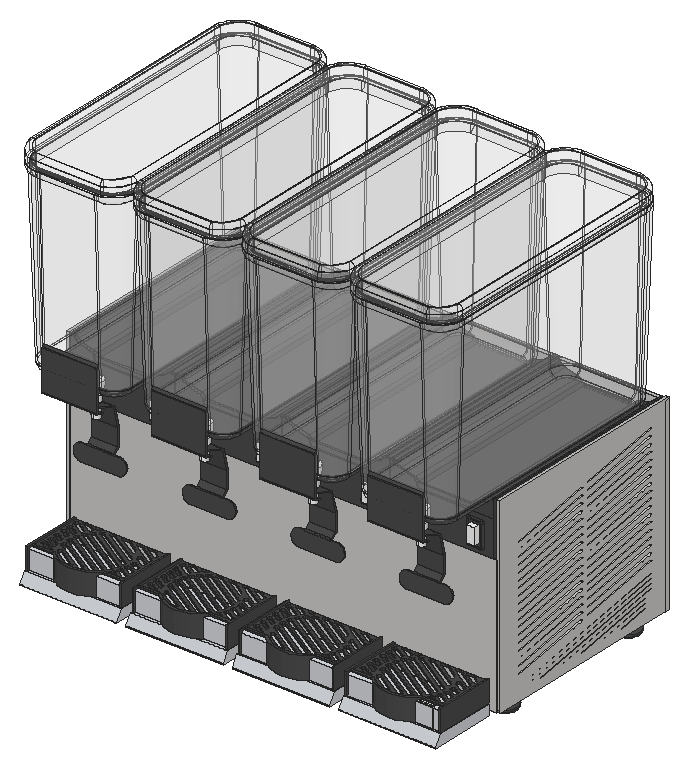
Revit family "QF_Vollrath-VBBE4-37T", category Specialty Equipment, Revit 2018 (continued)
Forms (in)
  Extrusion 43, solid, material "QF_Finishes-Clear Plastic"
    sketch origin (7.0917, 0, 0) x (1, 0, 0) y (0, 1, 0)
      loop
        arc (2.52215, 9.13206) -> (2.32464, 9.60889) -> (1.84782, 9.8064) r 0.67433
        line (1.84782, 9.8064) -> (-1.84748, 9.8064)
        arc (-1.84748, 9.8064) -> (-2.32251, 9.60963) -> (-2.51928, 9.1346) r 0.6718
    from 12.90709 to 13.05386
  Extrusion 44, solid, material "QF_Finishes-Black Plastic"
    sketch origin (7.06271, 0, 0) x (1, 0, 0) y (0, 1, 0)
      loop
        line (3.18945, -3.12402) -> (-3.14914, -3.12402) -> (-3.14914, -7.27756) -> (-3.05071, -7.27756) -> (-3.05071, -6.9626) -> (-1.68325, -6.9626)
        arc (-1.68325, -6.9626) -> (-1.65302, -6.96863) -> (-1.62741, -6.98581) r 0.07879
        arc (-1.62741, -6.98581) -> (0.01907, -7.67007) -> (1.66554, -6.98581) r 2.323
        arc (1.66554, -6.98581) -> (1.69232, -6.96862) -> (1.72357, -6.9626) r 0.08414
        line (1.72357, -6.9626) -> (3.09102, -6.9626) -> (3.09102, -7.27756) -> (3.18945, -7.27756) -> (3.18945, -3.12402)
      loop
        line (-3.05071, -3.19488) -> (-3.05071, -6.8248) -> (-1.68325, -6.8248)
        arc (-1.68325, -6.8248) -> (-1.60014, -6.84139) -> (-1.52977, -6.88862) r 0.21647
        arc (-1.52977, -6.88862) -> (0.02, -7.53304) -> (1.56978, -6.88862) r 2.18576
        arc (1.56978, -6.88862) -> (1.64015, -6.84139) -> (1.72326, -6.8248) r 0.21647
        line (1.72326, -6.8248) -> (3.09102, -6.8248) -> (3.09102, -3.19488) -> (-3.05071, -3.19488)
    from 1.03543 to 2.48031
  Extrusion 45, solid
    sketch origin (7.06271, 0, 0) x (0, 1, 0) y (0, 0, 1)
      loop
        line (-3.39961, 1.03543) -> (-7.3563, 1.03543) -> (-7.75, 0.3937) -> (-7.75, 0.35433) -> (-3.39961, 0.35433) -> (-3.39961, 1.03543)
    from -3.17717 to 3.27868
  Extrusion 46, solid
    sketch origin (7.06271, 0, 0) x (0, 1, 0) y (0, 0, -1)
      loop
        line (-6.9626, -2.40157) -> (-6.9626, -1.03543) -> (-7.18008, -1.03543) -> (-7.18008, -2.28346)
        arc (-7.18008, -2.28346) -> (-7.08882, -2.37471) -> (-6.9626, -2.40157) r 0.22732
    from -3.09102 to -1.40314
  Extrusion 47, solid, material "QF_Finishes-Black Plastic"
    sketch origin (7.0638, 0, 0) x (1, 0, 0) y (0, 1, 0)
      loop
        line (-3.05071, -6.8248) -> (-1.68325, -6.8248)
        arc (-1.68325, -6.8248) -> (-1.60014, -6.84139) -> (-1.52977, -6.88862) r 0.21647
        arc (-1.52977, -6.88862) -> (0.02, -7.53304) -> (1.56978, -6.88862) r 2.18576
        arc (1.56978, -6.88862) -> (1.64015, -6.84139) -> (1.72326, -6.8248) r 0.21647
        line (1.72326, -6.8248) -> (3.09102, -6.8248) -> (3.09102, -3.19488) -> (-3.05071, -3.19488) -> (-3.05071, -6.8248)
      loop
        line (1.99999, -5.31469) -> (-0.85274, -3.56972)
        arc (-0.85274, -3.56972) -> (-0.90143, -3.55568) -> (-0.95047, -3.56848) r 0.09564
        line (-0.95047, -3.56848) -> (-1.05079, -3.62641)
        arc (-1.05079, -3.62641) -> (-1.09797, -3.71056) -> (-1.05079, -3.79471) r 0.09865
        line (-1.05079, -3.79471) -> (1.89113, -5.59424)
        arc (1.89113, -5.59424) -> (1.98696, -5.59808) -> (2.04057, -5.51856) r 0.09843
        line (2.04057, -5.51856) -> (2.04706, -5.40253)
        arc (2.04706, -5.40253) -> (2.03544, -5.35223) -> (1.99999, -5.31469) r 0.09857
      loop
        line (1.92869, -5.80182) -> (-1.25519, -3.85429)
        arc (-1.25519, -3.85429) -> (-1.31546, -3.84407) -> (-1.37003, -3.87162) r 0.09782
        line (-1.37003, -3.87162) -> (-1.44371, -3.9453)
        arc (-1.44371, -3.9453) -> (-1.47148, -4.02385) -> (-1.42783, -4.09482) r 0.09665
        line (-1.42783, -4.09482) -> (1.79158, -6.06408)
        arc (1.79158, -6.06408) -> (1.8762, -6.07294) -> (1.93593, -6.01235) r 0.09812
        line (1.93593, -6.01235) -> (1.96819, -5.91075)
        arc (1.96819, -5.91075) -> (1.96695, -5.84957) -> (1.92869, -5.80182) r 0.09507
      loop
        line (1.74837, -6.22226) -> (-1.54753, -4.20621)
        arc (-1.54753, -4.20621) -> (-1.61887, -4.19636) -> (-1.67693, -4.23897) r 0.09584
        line (-1.67693, -4.23897) -> (-1.73108, -4.32679)
        arc (-1.73108, -4.32679) -> (-1.743, -4.39877) -> (-1.70104, -4.45845) r 0.09631
        line (-1.70104, -4.45845) -> (1.59739, -6.47604)
        arc (1.59739, -6.47604) -> (1.66914, -6.48577) -> (1.72723, -6.44255) r 0.09587
        line (1.72723, -6.44255) -> (1.78078, -6.35401)
        arc (1.78078, -6.35401) -> (1.79129, -6.28157) -> (1.74837, -6.22226) r 0.09741
      loop
        line (1.48132, -6.58966) -> (-1.74811, -4.61427)
        arc (-1.74811, -4.61427) -> (-1.83177, -4.60731) -> (-1.88979, -4.66798) r 0.09744
        line (-1.88979, -4.66798) -> (-1.92257, -4.76761)
        arc (-1.92257, -4.76761) -> (-1.92194, -4.82904) -> (-1.88395, -4.87732) r 0.0953
        line (-1.88395, -4.87732) -> (1.30511, -6.82801)
        arc (1.30511, -6.82801) -> (1.36581, -6.8405) -> (1.42146, -6.81321) r 0.09579
        line (1.42146, -6.81321) -> (1.49519, -6.73948)
        arc (1.49519, -6.73948) -> (1.52341, -6.66132) -> (1.48132, -6.58966) r 0.09779
      loop
        line (1.10757, -6.89177) -> (-1.84914, -5.0832)
        arc (-1.84914, -5.0832) -> (-1.94458, -5.07917) -> (-1.99846, -5.15805) r 0.0984
        line (-1.99846, -5.15805) -> (-2.00593, -5.27264)
        arc (-2.00593, -5.27264) -> (-1.99506, -5.32396) -> (-1.95906, -5.3621) r 0.09696
        line (-1.95906, -5.3621) -> (0.91264, -7.11867)
        arc (0.91264, -7.11867) -> (0.96072, -7.13194) -> (1.0088, -7.11867) r 0.09375
        line (1.0088, -7.11867) -> (1.10757, -7.05966)
        arc (1.10757, -7.05966) -> (1.15463, -6.97572) -> (1.10757, -6.89177) r 0.0984
      loop
        line (0.60863, -7.11732) -> (-1.82264, -5.63015)
        arc (-1.82264, -5.63015) -> (-1.92999, -5.63329) -> (-1.97033, -5.73281) r 0.09825
        line (-1.97033, -5.73281) -> (-1.93774, -5.87396)
        arc (-1.93774, -5.87396) -> (-1.92175, -5.90738) -> (-1.89442, -5.93238) r 0.09714
        line (-1.89442, -5.93238) -> (0.37225, -7.31886)
        arc (0.37225, -7.31886) -> (0.40695, -7.33252) -> (0.44421, -7.33107) r 0.09073
        line (0.44421, -7.33107) -> (0.58467, -7.29582)
        arc (0.58467, -7.29582) -> (0.65482, -7.21438) -> (0.60863, -7.11732) r 0.09843
      loop
        line (-0.15644, -7.18008) -> (-1.53008, -6.33984)
        arc (-1.53008, -6.33984) -> (-1.65245, -6.35562) -> (-1.66332, -6.47852) r 0.09845
        line (-1.66332, -6.47852) -> (-1.474, -6.72028) -> (-0.52036, -7.30361) -> (-0.21942, -7.36177)
        arc (-0.21942, -7.36177) -> (-0.1148, -7.29628) -> (-0.15644, -7.18008) r 0.09842
      loop
        line (1.92796, -4.73989) -> (-0.30697, -3.37282)
        arc (-0.30697, -3.37282) -> (-0.34079, -3.3598) -> (-0.37704, -3.35963) r 0.10043
        line (-0.37704, -3.35963) -> (-0.52004, -3.39377)
        arc (-0.52004, -3.39377) -> (-0.59167, -3.47506) -> (-0.54547, -3.57306) r 0.09865
        line (-0.54547, -3.57306) -> (1.85831, -5.04342)
        arc (1.85831, -5.04342) -> (1.96624, -5.03999) -> (2.00606, -4.93962) r 0.09842
        line (2.00606, -4.93962) -> (1.97137, -4.79716)
        arc (1.97137, -4.79716) -> (1.95507, -4.76442) -> (1.92796, -4.73989) r 0.09857
      loop
        line (1.46531, -3.92615) -> (0.62845, -3.41426)
        arc (0.62845, -3.41426) -> (0.46776, -3.37153) -> (0.30428, -3.34114) r 2.18615
        arc (0.30428, -3.34114) -> (0.19761, -3.4051) -> (0.23921, -3.5223) r 0.09818
        line (0.23921, -3.5223) -> (1.54679, -4.32213)
        arc (1.54679, -4.32213) -> (1.66978, -4.30502) -> (1.67799, -4.18113) r 0.09835
        arc (1.67799, -4.18113) -> (1.57664, -4.04948) -> (1.46531, -3.92615) r 2.12561
      loop
        line (2.83911, -4.23574) -> (1.36588, -3.33459)
        arc (1.36588, -3.33459) -> (1.34175, -3.32427) -> (1.31572, -3.32087) r 0.09593
        arc (1.31572, -3.32087) -> (1.27881, -3.321) -> (1.2419, -3.32087) r 5.03614
        arc (1.2419, -3.32087) -> (1.14687, -3.39171) -> (1.18925, -3.5024) r 0.0982
        arc (1.18925, -3.5024) -> (1.38493, -3.6409) -> (1.56306, -3.80134) r 2.04444
        line (1.56306, -3.80134) -> (2.73642, -4.51906)
        arc (2.73642, -4.51906) -> (2.8353, -4.51983) -> (2.88433, -4.43395) r 0.09782
        arc (2.88433, -4.43395) -> (2.88401, -4.37627) -> (2.88433, -4.31858) r 5.14481
        arc (2.88433, -4.31858) -> (2.87254, -4.27125) -> (2.83911, -4.23574) r 0.0965
      loop
        line (2.83639, -3.70334) -> (2.23231, -3.33383)
        arc (2.23231, -3.33383) -> (2.21027, -3.32439) -> (2.18655, -3.32087) r 0.09339
        line (2.18655, -3.32087) -> (1.99477, -3.32087)
        arc (1.99477, -3.32087) -> (1.89988, -3.39257) -> (1.94341, -3.50325) r 0.09837
        line (1.94341, -3.50325) -> (2.73528, -3.98763)
        arc (2.73528, -3.98763) -> (2.83413, -3.98931) -> (2.88433, -3.90415) r 0.09818
        arc (2.88433, -3.90415) -> (2.88448, -3.84599) -> (2.88433, -3.78784) r 11.3571
        arc (2.88433, -3.78784) -> (2.87139, -3.73933) -> (2.83639, -3.70334) r 0.09933
      loop
        arc (-2.69423, -5.62775) -> (-2.79372, -5.62586) -> (-2.84402, -5.71171) r 0.09843
        line (-2.84402, -5.71171) -> (-2.84402, -5.82709)
        arc (-2.84402, -5.82709) -> (-2.83145, -5.87522) -> (-2.79695, -5.91106) r 0.09843
        line (-2.79695, -5.91106) -> (-2.13741, -6.31449)
        arc (-2.13741, -6.31449) -> (-2.02317, -6.30683) -> (-1.99384, -6.19615) r 0.09819
        line (-1.99384, -6.19615) -> (-2.04986, -6.04886)
        arc (-2.04986, -6.04886) -> (-2.066, -6.01898) -> (-2.09144, -5.99647) r 0.09728
        line (-2.09144, -5.99647) -> (-2.69423, -5.62775)
      loop
        arc (-2.69423, -5.09701) -> (-2.79372, -5.09512) -> (-2.84402, -5.18097) r 0.09843
        line (-2.84402, -5.18097) -> (-2.84402, -5.29635)
        arc (-2.84402, -5.29635) -> (-2.83145, -5.34448) -> (-2.79695, -5.38032) r 0.09843
        line (-2.79695, -5.38032) -> (-2.30078, -5.68381)
        arc (-2.30078, -5.68381) -> (-2.19664, -5.68292) -> (-2.1516, -5.58901) r 0.09843
        line (-2.1516, -5.58901) -> (-2.16128, -5.47226)
        arc (-2.16128, -5.47226) -> (-2.17523, -5.42752) -> (-2.20826, -5.39428) r 0.09865
        line (-2.20826, -5.39428) -> (-2.69423, -5.09701)
      loop
        arc (-2.69423, -4.56627) -> (-2.79372, -4.56438) -> (-2.84402, -4.65023) r 0.09843
        line (-2.84402, -4.65023) -> (-2.84402, -4.76561)
        arc (-2.84402, -4.76561) -> (-2.83145, -4.81374) -> (-2.79695, -4.84958) r 0.09843
        line (-2.79695, -4.84958) -> (-2.29775, -5.15493)
        arc (-2.29775, -5.15493) -> (-2.20358, -5.15958) -> (-2.14873, -5.0829) r 0.09839
        line (-2.14873, -5.0829) -> (-2.13391, -4.98165)
        arc (-2.13391, -4.98165) -> (-2.14196, -4.92467) -> (-2.17954, -4.8811) r 0.10209
        line (-2.17954, -4.8811) -> (-2.69423, -4.56627)
      loop
        arc (-2.69423, -4.03555) -> (-2.79372, -4.03365) -> (-2.84402, -4.11951) r 0.09843
        line (-2.84402, -4.11951) -> (-2.84402, -4.23489)
        arc (-2.84402, -4.23489) -> (-2.83145, -4.28301) -> (-2.79695, -4.31885) r 0.09843
        line (-2.79695, -4.31885) -> (-2.19054, -4.68978)
        arc (-2.19054, -4.68978) -> (-2.10586, -4.69843) -> (-2.0461, -4.63781) r 0.09843
        line (-2.0461, -4.63781) -> (-2.01311, -4.5476)
        arc (-2.01311, -4.5476) -> (-2.01108, -4.48046) -> (-2.05286, -4.42787) r 0.09777
        line (-2.05286, -4.42787) -> (-2.69423, -4.03555)
      loop
        arc (-2.69423, -3.50479) -> (-2.79372, -3.5029) -> (-2.84402, -3.58875) r 0.09843
        line (-2.84402, -3.58875) -> (-2.84402, -3.70413)
        arc (-2.84402, -3.70413) -> (-2.83145, -3.75226) -> (-2.79695, -3.78809) r 0.09843
        line (-2.79695, -3.78809) -> (-2.00078, -4.2751)
        arc (-2.00078, -4.2751) -> (-1.92526, -4.28682) -> (-1.86377, -4.24142) r 0.09931
        line (-1.86377, -4.24142) -> (-1.8143, -4.16136)
        arc (-1.8143, -4.16136) -> (-1.80095, -4.08604) -> (-1.84557, -4.0239) r 0.09843
        line (-1.84557, -4.0239) -> (-2.69423, -3.50479)
      loop
        arc (-2.69423, -6.15849) -> (-2.79372, -6.1566) -> (-2.84402, -6.24246) r 0.09843
        line (-2.84402, -6.24246) -> (-2.84402, -6.35783)
        arc (-2.84402, -6.35783) -> (-2.83145, -6.40596) -> (-2.79695, -6.4418) r 0.09843
        line (-2.79695, -6.4418) -> (-2.18491, -6.81617) -> (-1.91188, -6.81617)
        arc (-1.91188, -6.81617) -> (-1.85587, -6.7319) -> (-1.9031, -6.64241) r 0.09904
        line (-1.9031, -6.64241) -> (-2.69423, -6.15849)
      loop
        line (-2.39494, -3.50325) -> (-1.73202, -3.90876)
        arc (-1.73202, -3.90876) -> (-1.66637, -3.92218) -> (-1.60735, -3.89047) r 0.09841
        line (-1.60735, -3.89047) -> (-1.54093, -3.82001)
        arc (-1.54093, -3.82001) -> (-1.51481, -3.73924) -> (-1.5609, -3.66795) r 0.09896
        line (-1.5609, -3.66795) -> (-2.18752, -3.28465)
        arc (-2.18752, -3.28465) -> (-2.235, -3.26983) -> (-2.28367, -3.28012) r 0.09843
        line (-2.28367, -3.28012) -> (-2.38686, -3.33173)
        arc (-2.38686, -3.33173) -> (-2.44114, -3.41512) -> (-2.39494, -3.50325) r 0.09843
      loop
        arc (-1.47591, -3.32087) -> (-1.57065, -3.39261) -> (-1.52727, -3.50325) r 0.09843
        line (-1.52727, -3.50325) -> (-1.3826, -3.59175)
        arc (-1.3826, -3.59175) -> (-1.32707, -3.60613) -> (-1.27295, -3.58713) r 0.09847
        line (-1.27295, -3.58713) -> (-1.18803, -3.52827)
        arc (-1.18803, -3.52827) -> (-1.14526, -3.44427) -> (-1.19182, -3.36231) r 0.09944
        line (-1.19182, -3.36231) -> (-1.23593, -3.33533)
        arc (-1.23593, -3.33533) -> (-1.26061, -3.32455) -> (-1.28729, -3.32087) r 0.09843
        line (-1.28729, -3.32087) -> (-1.47591, -3.32087)
      loop
        arc (2.16593, -4.35471) -> (2.05008, -4.36433) -> (2.02423, -4.47767) r 0.09841
        line (2.02423, -4.47767) -> (2.08147, -4.62318)
        arc (2.08147, -4.62318) -> (2.09769, -4.65241) -> (2.12281, -4.67447) r 0.09781
        line (2.12281, -4.67447) -> (2.73454, -5.04866)
        arc (2.73454, -5.04866) -> (2.83403, -5.05055) -> (2.88433, -4.9647) r 0.09843
        line (2.88433, -4.9647) -> (2.88433, -4.84932)
        arc (2.88433, -4.84932) -> (2.87176, -4.80119) -> (2.83726, -4.76535) r 0.09843
        line (2.83726, -4.76535) -> (2.16593, -4.35471)
      loop
        arc (2.33855, -4.99104) -> (2.23397, -4.99219) -> (2.18943, -5.08682) r 0.09845
        line (2.18943, -5.08682) -> (2.20051, -5.20384)
        arc (2.20051, -5.20384) -> (2.21442, -5.2483) -> (2.24726, -5.28133) r 0.09819
        line (2.24726, -5.28133) -> (2.73454, -5.5794)
        arc (2.73454, -5.5794) -> (2.83403, -5.58129) -> (2.88433, -5.49544) r 0.09843
        line (2.88433, -5.49544) -> (2.88433, -5.38006)
        arc (2.88433, -5.38006) -> (2.87176, -5.33193) -> (2.83726, -5.29609) r 0.09843
        line (2.83726, -5.29609) -> (2.33855, -4.99104)
      loop
        arc (2.34021, -5.5228) -> (2.24688, -5.51781) -> (2.19158, -5.59315) r 0.09828
        line (2.19158, -5.59315) -> (2.17713, -5.69751)
        arc (2.17713, -5.69751) -> (2.18485, -5.75432) -> (2.22293, -5.79719) r 0.09843
        line (2.22293, -5.79719) -> (2.73454, -6.11014)
        arc (2.73454, -6.11014) -> (2.83403, -6.11203) -> (2.88433, -6.02618) r 0.09843
        line (2.88433, -6.02618) -> (2.88433, -5.9108)
        arc (2.88433, -5.9108) -> (2.87176, -5.86267) -> (2.83726, -5.82683) r 0.09843
        line (2.83726, -5.82683) -> (2.34021, -5.5228)
      loop
        arc (2.2366, -5.99016) -> (2.15157, -5.98163) -> (2.09192, -6.04283) r 0.09842
        line (2.09192, -6.04283) -> (2.05934, -6.13333)
        arc (2.05934, -6.13333) -> (2.05873, -6.20007) -> (2.09985, -6.25265) r 0.1011
        line (2.09985, -6.25265) -> (2.73454, -6.64088)
        arc (2.73454, -6.64088) -> (2.83403, -6.64277) -> (2.88433, -6.55692) r 0.09843
        line (2.88433, -6.55692) -> (2.88433, -6.44154)
        arc (2.88433, -6.44154) -> (2.87176, -6.39341) -> (2.83726, -6.35758) r 0.09843
        line (2.83726, -6.35758) -> (2.2366, -5.99016)
      loop
        arc (2.04906, -6.40618) -> (1.97544, -6.39427) -> (1.91458, -6.43738) r 0.09845
        line (1.91458, -6.43738) -> (1.86362, -6.52146)
        arc (1.86362, -6.52146) -> (1.85022, -6.5966) -> (1.89492, -6.65847) r 0.09775
        line (1.89492, -6.65847) -> (2.15566, -6.81617) -> (2.42228, -6.81617)
        arc (2.42228, -6.81617) -> (2.48182, -6.73326) -> (2.43526, -6.64241) r 0.09794
        line (2.43526, -6.64241) -> (2.04906, -6.40618)
    from 2.28346 to 2.40157
  Extrusion 48, solid, material "QF_Finishes-Stainless"
    sketch origin (21.45125, 0, 0) x (0, 1, 0) y (0, 0, -1)
      loop
        arc (10.7576, -0.80737) -> (10.73165, -0.74473) -> (10.66901, -0.71878) r 0.08858
        line (10.66901, -0.71878) -> (-3.18504, -0.71878)
        arc (-3.18504, -0.71878) -> (-3.24768, -0.74473) -> (-3.27362, -0.80737) r 0.08858
        line (-3.27362, -0.80737) -> (-3.27362, -13.35433) -> (10.7576, -13.35433) -> (10.7576, -0.80737)
      loop
        line (8.85098, -1.60553) -> (6.83124, -1.2494) -> (6.81928, -1.31723)
        arc (6.81928, -1.31723) -> (6.84907, -1.34077) -> (6.88486, -1.3534) r 0.11572
        line (6.88486, -1.3534) -> (8.76503, -1.68493)
        arc (8.76503, -1.68493) -> (8.80299, -1.6853) -> (8.83902, -1.67336) r 0.11572
        line (8.83902, -1.67336) -> (8.85098, -1.60553)
      loop
        line (8.85098, -1.90536) -> (5.13082, -1.2494) -> (5.11886, -1.31723)
        arc (5.11886, -1.31723) -> (5.14864, -1.34077) -> (5.18444, -1.3534) r 0.11572
        line (5.18444, -1.3534) -> (8.76503, -1.98476)
        arc (8.76503, -1.98476) -> (8.80299, -1.98513) -> (8.83902, -1.97319) r 0.11572
        line (8.83902, -1.97319) -> (8.85098, -1.90536)
      loop
        line (8.85098, -2.20519) -> (3.43039, -1.2494) -> (3.41843, -1.31723)
        arc (3.41843, -1.31723) -> (3.44822, -1.34077) -> (3.48402, -1.3534) r 0.11572
        line (3.48402, -1.3534) -> (8.76503, -2.28459)
        arc (8.76503, -2.28459) -> (8.80299, -2.28496) -> (8.83902, -2.27302) r 0.11572
        line (8.83902, -2.27302) -> (8.85098, -2.20519)
      loop
        line (9.32147, -2.58798) -> (1.72997, -1.2494) -> (1.71792, -1.31773)
        arc (1.71792, -1.31773) -> (1.7477, -1.34127) -> (1.7835, -1.3539) r 0.11572
        line (1.7835, -1.3539) -> (9.23542, -2.66788)
        arc (9.23542, -2.66788) -> (9.27338, -2.66825) -> (9.30942, -2.65631) r 0.11572
        line (9.30942, -2.65631) -> (9.32147, -2.58798)
      loop
        line (9.32147, -2.88782) -> (0.02955, -1.2494) -> (0.0175, -1.31773)
        arc (0.0175, -1.31773) -> (0.04728, -1.34127) -> (0.08308, -1.3539) r 0.11572
        line (0.08308, -1.3539) -> (9.23542, -2.96771)
        arc (9.23542, -2.96771) -> (9.27338, -2.96808) -> (9.30942, -2.95614) r 0.11572
        line (9.30942, -2.95614) -> (9.32147, -2.88782)
      loop
        line (9.32147, -3.18765) -> (-0.85632, -1.39303) -> (-0.86836, -1.46136)
        arc (-0.86836, -1.46136) -> (-0.83858, -1.4849) -> (-0.80278, -1.49753) r 0.11572
        line (-0.80278, -1.49753) -> (9.23542, -3.26754)
        arc (9.23542, -3.26754) -> (9.27338, -3.26791) -> (9.30942, -3.25598) r 0.11572
        line (9.30942, -3.25598) -> (9.32147, -3.18765)
      loop
        line (9.32147, -3.48748) -> (-0.85632, -1.69286) -> (-0.86836, -1.76119)
        arc (-0.86836, -1.76119) -> (-0.83858, -1.78473) -> (-0.80278, -1.79736) r 0.11572
        line (-0.80278, -1.79736) -> (9.23542, -3.56737)
        arc (9.23542, -3.56737) -> (9.27338, -3.56774) -> (9.30942, -3.55581) r 0.11572
        line (9.30942, -3.55581) -> (9.32147, -3.48748)
      loop
        line (9.32185, -4.22424) -> (3.9704, -3.28063) -> (3.94984, -3.39722)
        arc (3.94984, -3.39722) -> (3.97963, -3.42076) -> (4.01542, -3.4334) r 0.11572
        line (4.01542, -3.4334) -> (9.22729, -4.35239)
        arc (9.22729, -4.35239) -> (9.26526, -4.35276) -> (9.30129, -4.34083) r 0.11572
        line (9.30129, -4.34083) -> (9.32185, -4.22424)
      loop
        line (3.58682, -3.213) -> (-1.76463, -2.26939) -> (-1.78519, -2.38598)
        arc (-1.78519, -2.38598) -> (-1.75541, -2.40952) -> (-1.71961, -2.42215) r 0.11572
        line (-1.71961, -2.42215) -> (3.49226, -3.34115)
        arc (3.49226, -3.34115) -> (3.53022, -3.34152) -> (3.56626, -3.32958) r 0.11572
        line (3.56626, -3.32958) -> (3.58682, -3.213)
      loop
        line (9.32185, -4.68766) -> (3.9704, -3.74406) -> (3.94984, -3.86065)
        arc (3.94984, -3.86065) -> (3.97963, -3.88419) -> (4.01542, -3.89682) r 0.11572
        line (4.01542, -3.89682) -> (9.22729, -4.81581)
        arc (9.22729, -4.81581) -> (9.26526, -4.81619) -> (9.30129, -4.80425) r 0.11572
        line (9.30129, -4.80425) -> (9.32185, -4.68766)
      loop
        line (3.58682, -3.67642) -> (-1.76463, -2.73282) -> (-1.78519, -2.8494)
        arc (-1.78519, -2.8494) -> (-1.75541, -2.87294) -> (-1.71961, -2.88558) r 0.11572
        line (-1.71961, -2.88558) -> (3.49226, -3.80457)
        arc (3.49226, -3.80457) -> (3.53022, -3.80494) -> (3.56626, -3.79301) r 0.11572
        line (3.56626, -3.79301) -> (3.58682, -3.67642)
      loop
        line (9.32185, -5.15109) -> (3.9704, -4.20748) -> (3.94984, -4.32407)
        arc (3.94984, -4.32407) -> (3.97963, -4.34761) -> (4.01542, -4.36025) r 0.11572
        line (4.01542, -4.36025) -> (9.22729, -5.27924)
        arc (9.22729, -5.27924) -> (9.26526, -5.27961) -> (9.30129, -5.26768) r 0.11572
        line (9.30129, -5.26768) -> (9.32185, -5.15109)
      loop
        line (3.58682, -4.13985) -> (-1.76463, -3.19624) -> (-1.78519, -3.31283)
        arc (-1.78519, -3.31283) -> (-1.75541, -3.33637) -> (-1.71961, -3.34901) r 0.11572
        line (-1.71961, -3.34901) -> (3.49226, -4.268)
        arc (3.49226, -4.268) -> (3.53022, -4.26837) -> (3.56626, -4.25644) r 0.11572
        line (3.56626, -4.25644) -> (3.58682, -4.13985)
      loop
        line (9.32185, -5.61451) -> (3.9704, -4.67091) -> (3.94984, -4.7875)
        arc (3.94984, -4.7875) -> (3.97963, -4.81104) -> (4.01542, -4.82367) r 0.11572
        line (4.01542, -4.82367) -> (9.22729, -5.74267)
        arc (9.22729, -5.74267) -> (9.26526, -5.74304) -> (9.30129, -5.7311) r 0.11572
        line (9.30129, -5.7311) -> (9.32185, -5.61451)
      loop
        line (3.58682, -4.60327) -> (-1.76463, -3.65967) -> (-1.78519, -3.77626)
        arc (-1.78519, -3.77626) -> (-1.75541, -3.7998) -> (-1.71961, -3.81243) r 0.11572
        line (-1.71961, -3.81243) -> (3.49226, -4.73142)
        arc (3.49226, -4.73142) -> (3.53022, -4.73179) -> (3.56626, -4.71986) r 0.11572
        line (3.56626, -4.71986) -> (3.58682, -4.60327)
      loop
        line (9.32185, -6.07794) -> (3.9704, -5.13434) -> (3.94984, -5.25092)
        arc (3.94984, -5.25092) -> (3.97963, -5.27446) -> (4.01542, -5.2871) r 0.11572
        line (4.01542, -5.2871) -> (9.22729, -6.20609)
        arc (9.22729, -6.20609) -> (9.26526, -6.20646) -> (9.30129, -6.19453) r 0.11572
        line (9.30129, -6.19453) -> (9.32185, -6.07794)
      loop
        line (3.58682, -5.0667) -> (-1.76463, -4.12309) -> (-1.78519, -4.23968)
        arc (-1.78519, -4.23968) -> (-1.75541, -4.26322) -> (-1.71961, -4.27586) r 0.11572
        line (-1.71961, -4.27586) -> (3.49226, -5.19485)
        arc (3.49226, -5.19485) -> (3.53022, -5.19522) -> (3.56626, -5.18329) r 0.11572
        line (3.56626, -5.18329) -> (3.58682, -5.0667)
      loop
        line (9.32185, -6.54137) -> (3.9704, -5.59776) -> (3.94984, -5.71435)
        arc (3.94984, -5.71435) -> (3.97963, -5.73789) -> (4.01542, -5.75052) r 0.11572
        line (4.01542, -5.75052) -> (9.22729, -6.66952)
        arc (9.22729, -6.66952) -> (9.26526, -6.66989) -> (9.30129, -6.65795) r 0.11572
        line (9.30129, -6.65795) -> (9.32185, -6.54137)
      loop
        line (3.58682, -5.53012) -> (-1.76463, -4.58652) -> (-1.78519, -4.70311)
        arc (-1.78519, -4.70311) -> (-1.75541, -4.72665) -> (-1.71961, -4.73928) r 0.11572
        line (-1.71961, -4.73928) -> (3.49226, -5.65827)
        arc (3.49226, -5.65827) -> (3.53022, -5.65864) -> (3.56626, -5.64671) r 0.11572
        line (3.56626, -5.64671) -> (3.58682, -5.53012)
      loop
        line (9.32185, -7.00479) -> (3.9704, -6.06119) -> (3.94984, -6.17777)
        arc (3.94984, -6.17777) -> (3.97963, -6.20131) -> (4.01542, -6.21395) r 0.11572
        line (4.01542, -6.21395) -> (9.22729, -7.13294)
        arc (9.22729, -7.13294) -> (9.26526, -7.13331) -> (9.30129, -7.12138) r 0.11572
        line (9.30129, -7.12138) -> (9.32185, -7.00479)
      loop
        line (3.58682, -5.99355) -> (-1.76463, -5.04994) -> (-1.78519, -5.16653)
        arc (-1.78519, -5.16653) -> (-1.75541, -5.19007) -> (-1.71961, -5.20271) r 0.11572
        line (-1.71961, -5.20271) -> (3.49226, -6.1217)
        arc (3.49226, -6.1217) -> (3.53022, -6.12207) -> (3.56626, -6.11014) r 0.11572
        line (3.56626, -6.11014) -> (3.58682, -5.99355)
      loop
        line (9.32185, -7.46822) -> (3.9704, -6.52461) -> (3.94984, -6.6412)
        arc (3.94984, -6.6412) -> (3.97963, -6.66474) -> (4.01542, -6.67737) r 0.11572
        line (4.01542, -6.67737) -> (9.22729, -7.59637)
        arc (9.22729, -7.59637) -> (9.26526, -7.59674) -> (9.30129, -7.5848) r 0.11572
        line (9.30129, -7.5848) -> (9.32185, -7.46822)
      loop
        line (3.58682, -6.45697) -> (-1.76463, -5.51337) -> (-1.78519, -5.62996)
        arc (-1.78519, -5.62996) -> (-1.75541, -5.6535) -> (-1.71961, -5.66613) r 0.11572
        line (-1.71961, -5.66613) -> (3.49226, -6.58512)
        arc (3.49226, -6.58512) -> (3.53022, -6.5855) -> (3.56626, -6.57356) r 0.11572
        line (3.56626, -6.57356) -> (3.58682, -6.45697)
      loop
        line (9.32185, -7.93164) -> (3.9704, -6.98804) -> (3.94984, -7.10462)
        arc (3.94984, -7.10462) -> (3.97963, -7.12816) -> (4.01542, -7.1408) r 0.11572
        line (4.01542, -7.1408) -> (9.22729, -8.05979)
        arc (9.22729, -8.05979) -> (9.26526, -8.06016) -> (9.30129, -8.04823) r 0.11572
        line (9.30129, -8.04823) -> (9.32185, -7.93164)
      loop
        line (3.58682, -6.9204) -> (-1.76463, -5.97679) -> (-1.78519, -6.09338)
        arc (-1.78519, -6.09338) -> (-1.75541, -6.11692) -> (-1.71961, -6.12956) r 0.11572
        line (-1.71961, -6.12956) -> (3.49226, -7.04855)
        arc (3.49226, -7.04855) -> (3.53022, -7.04892) -> (3.56626, -7.03699) r 0.11572
        line (3.56626, -7.03699) -> (3.58682, -6.9204)
      loop
        line (9.32185, -8.39507) -> (3.9704, -7.45146) -> (3.94984, -7.56805)
        arc (3.94984, -7.56805) -> (3.97963, -7.59159) -> (4.01542, -7.60422) r 0.11572
        line (4.01542, -7.60422) -> (9.22729, -8.52322)
        arc (9.22729, -8.52322) -> (9.26526, -8.52359) -> (9.30129, -8.51165) r 0.11572
        line (9.30129, -8.51165) -> (9.32185, -8.39507)
      loop
        line (3.58682, -7.38382) -> (-1.76463, -6.44022) -> (-1.78519, -6.55681)
        arc (-1.78519, -6.55681) -> (-1.75541, -6.58035) -> (-1.71961, -6.59298) r 0.11572
        line (-1.71961, -6.59298) -> (3.49226, -7.51198)
        arc (3.49226, -7.51198) -> (3.53022, -7.51235) -> (3.56626, -7.50041) r 0.11572
        line (3.56626, -7.50041) -> (3.58682, -7.38382)
      loop
        line (9.32185, -8.85849) -> (3.9704, -7.91489) -> (3.94984, -8.03147)
        arc (3.94984, -8.03147) -> (3.97963, -8.05501) -> (4.01542, -8.06765) r 0.11572
        line (4.01542, -8.06765) -> (9.22729, -8.98664)
        arc (9.22729, -8.98664) -> (9.26526, -8.98701) -> (9.30129, -8.97508) r 0.11572
        line (9.30129, -8.97508) -> (9.32185, -8.85849)
      loop
        line (3.58682, -7.84725) -> (-1.76463, -6.90364) -> (-1.78519, -7.02023)
        arc (-1.78519, -7.02023) -> (-1.75541, -7.04377) -> (-1.71961, -7.05641) r 0.11572
        line (-1.71961, -7.05641) -> (3.49226, -7.9754)
        arc (3.49226, -7.9754) -> (3.53022, -7.97577) -> (3.56626, -7.96384) r 0.11572
        line (3.56626, -7.96384) -> (3.58682, -7.84725)
      loop
        line (9.32185, -9.32192) -> (3.9704, -8.37831) -> (3.94984, -8.4949)
        arc (3.94984, -8.4949) -> (3.97963, -8.51844) -> (4.01542, -8.53107) r 0.11572
        line (4.01542, -8.53107) -> (9.22729, -9.45007)
        arc (9.22729, -9.45007) -> (9.26526, -9.45044) -> (9.30129, -9.4385) r 0.11572
        line (9.30129, -9.4385) -> (9.32185, -9.32192)
      loop
        line (3.58682, -8.31068) -> (-1.76463, -7.36707) -> (-1.78519, -7.48366)
        arc (-1.78519, -7.48366) -> (-1.75541, -7.5072) -> (-1.71961, -7.51983) r 0.11572
        line (-1.71961, -7.51983) -> (3.49226, -8.43883)
        arc (3.49226, -8.43883) -> (3.53022, -8.4392) -> (3.56626, -8.42726) r 0.11572
        line (3.56626, -8.42726) -> (3.58682, -8.31068)
      loop
        line (9.32185, -9.78534) -> (3.9704, -8.84174) -> (3.94984, -8.95832)
        arc (3.94984, -8.95832) -> (3.97963, -8.98186) -> (4.01542, -8.9945) r 0.11572
        line (4.01542, -8.9945) -> (9.22729, -9.91349)
        arc (9.22729, -9.91349) -> (9.26526, -9.91386) -> (9.30129, -9.90193) r 0.11572
        line (9.30129, -9.90193) -> (9.32185, -9.78534)
      loop
        line (3.58682, -8.7741) -> (-1.76463, -7.8305) -> (-1.78519, -7.94708)
        arc (-1.78519, -7.94708) -> (-1.75541, -7.97062) -> (-1.71961, -7.98326) r 0.11572
        line (-1.71961, -7.98326) -> (3.49226, -8.90225)
        arc (3.49226, -8.90225) -> (3.53022, -8.90262) -> (3.56626, -8.89069) r 0.11572
        line (3.56626, -8.89069) -> (3.58682, -8.7741)
      loop
        line (9.32185, -10.24877) -> (3.9704, -9.30516) -> (3.94984, -9.42175)
        arc (3.94984, -9.42175) -> (3.97963, -9.44529) -> (4.01542, -9.45792) r 0.11572
        line (4.01542, -9.45792) -> (9.22729, -10.37692)
        arc (9.22729, -10.37692) -> (9.26526, -10.37729) -> (9.30129, -10.36535) r 0.11572
        line (9.30129, -10.36535) -> (9.32185, -10.24877)
      loop
        line (3.58682, -9.23753) -> (-1.76463, -8.29392) -> (-1.78519, -8.41051)
        arc (-1.78519, -8.41051) -> (-1.75541, -8.43405) -> (-1.71961, -8.44668) r 0.11572
        line (-1.71961, -8.44668) -> (3.49226, -9.36568)
        arc (3.49226, -9.36568) -> (3.53022, -9.36605) -> (3.56626, -9.35411) r 0.11572
        line (3.56626, -9.35411) -> (3.58682, -9.23753)
      loop
        line (9.32185, -10.71219) -> (3.9704, -9.76859) -> (3.94984, -9.88517)
        arc (3.94984, -9.88517) -> (3.97963, -9.90871) -> (4.01542, -9.92135) r 0.11572
        line (4.01542, -9.92135) -> (9.22729, -10.84034)
        arc (9.22729, -10.84034) -> (9.26526, -10.84071) -> (9.30129, -10.82878) r 0.11572
        line (9.30129, -10.82878) -> (9.32185, -10.71219)
      loop
        line (3.58682, -9.70095) -> (-1.76463, -8.75735) -> (-1.78519, -8.87393)
        arc (-1.78519, -8.87393) -> (-1.75541, -8.89747) -> (-1.71961, -8.91011) r 0.11572
        line (-1.71961, -8.91011) -> (3.49226, -9.8291)
        arc (3.49226, -9.8291) -> (3.53022, -9.82947) -> (3.56626, -9.81754) r 0.11572
        line (3.56626, -9.81754) -> (3.58682, -9.70095)
      loop
        line (9.32185, -11.17562) -> (3.9704, -10.23201) -> (3.94984, -10.3486)
        arc (3.94984, -10.3486) -> (3.97963, -10.37214) -> (4.01542, -10.38477) r 0.11572
        line (4.01542, -10.38477) -> (9.22729, -11.30377)
        arc (9.22729, -11.30377) -> (9.26526, -11.30414) -> (9.30129, -11.2922) r 0.11572
        line (9.30129, -11.2922) -> (9.32185, -11.17562)
      loop
        line (3.58682, -10.16438) -> (-1.76463, -9.22077) -> (-1.78519, -9.33736)
        arc (-1.78519, -9.33736) -> (-1.75541, -9.3609) -> (-1.71961, -9.37353) r 0.11572
        line (-1.71961, -9.37353) -> (3.49226, -10.29253)
        arc (3.49226, -10.29253) -> (3.53022, -10.2929) -> (3.56626, -10.28096) r 0.11572
        line (3.56626, -10.28096) -> (3.58682, -10.16438)
      loop
        line (9.32185, -11.63904) -> (3.9704, -10.69544) -> (3.94984, -10.81202)
        arc (3.94984, -10.81202) -> (3.97963, -10.83556) -> (4.01542, -10.8482) r 0.11572
        line (4.01542, -10.8482) -> (9.22729, -11.76719)
        arc (9.22729, -11.76719) -> (9.26526, -11.76756) -> (9.30129, -11.75563) r 0.11572
        line (9.30129, -11.75563) -> (9.32185, -11.63904)
      loop
        line (3.58682, -10.6278) -> (-1.76463, -9.6842) -> (-1.78519, -9.80078)
        arc (-1.78519, -9.80078) -> (-1.75541, -9.82432) -> (-1.71961, -9.83696) r 0.11572
        line (-1.71961, -9.83696) -> (3.49226, -10.75595)
        arc (3.49226, -10.75595) -> (3.53022, -10.75632) -> (3.56626, -10.74439) r 0.11572
        line (3.56626, -10.74439) -> (3.58682, -10.6278)
      loop
        line (9.32185, -12.10307) -> (3.9704, -11.15947) -> (3.94984, -11.27605)
        arc (3.94984, -11.27605) -> (3.97963, -11.29959) -> (4.01542, -11.31223) r 0.11572
        line (4.01542, -11.31223) -> (9.22729, -12.23122)
        arc (9.22729, -12.23122) -> (9.26526, -12.23159) -> (9.30129, -12.21966) r 0.11572
        line (9.30129, -12.21966) -> (9.32185, -12.10307)
      loop
        line (3.58682, -11.09183) -> (-1.76463, -10.14822) -> (-1.78519, -10.26481)
        arc (-1.78519, -10.26481) -> (-1.75541, -10.28835) -> (-1.71961, -10.30099) r 0.11572
        line (-1.71961, -10.30099) -> (3.49226, -11.21998)
        arc (3.49226, -11.21998) -> (3.53022, -11.22035) -> (3.56626, -11.20842) r 0.11572
        line (3.56626, -11.20842) -> (3.58682, -11.09183)
    from -3.6675 to -3.46457
  Extrusion 49, solid
    sketch origin (7.06271, 0, 0) x (0, 1, 0) y (0, 0, 1)
      loop
        arc (-6.9626, 2.40157) -> (-7.08882, 2.37471) -> (-7.18008, 2.28346) r 0.22732
        line (-7.18008, 2.28346) -> (-7.18008, 1.03543) -> (-6.9626, 1.03543) -> (-6.9626, 2.40157)
    from -3.05071 to -1.36292
  Sweep 50, solid, material "QF_Finishes-Black Plastic"
    path origin (0.00669, 0, 0) x (1, 0, 0) y (0, 0, 1)
      loop
        arc (-2.90354, 10.17079) -> (-2.88625, 10.12903) -> (-2.84449, 10.11173) r 0.05906
        line (-2.84449, 10.11173) -> (-1.99803, 10.11173)
        arc (-1.99803, 10.11173) -> (-1.95627, 10.12903) -> (-1.93898, 10.17079) r 0.05906
        line (-1.93898, 10.17079) -> (-1.93898, 11.63929)
        arc (-1.93898, 11.63929) -> (-1.95627, 11.68105) -> (-1.99803, 11.69835) r 0.05906
        line (-1.99803, 11.69835) -> (-2.84449, 11.69835)
        arc (-2.84449, 11.69835) -> (-2.88625, 11.68105) -> (-2.90354, 11.63929) r 0.05906
        line (-2.90354, 11.63929) -> (-2.90354, 10.17079)
    profile origin (-2.89685, 0, 10.90504) x (-1, 0, 0) y (0, -1, 0)
      loop
        arc (0.09489, 3.27803) -> (0.04169, 3.30166) -> (0.01972, 3.35557) r 0.0779
        arc (0.01972, 3.35557) -> (0.01127, 3.3726) -> (-0.00738, 3.37633) r 0.02157
        line (-0.00738, 3.37633) -> (-0.00738, 3.27803) -> (0.09489, 3.27803)
  Extrusion 51, solid, material "QF_Finishes-White Rubber"
    sketch origin (0.00669, 0, 0) x (1, 0, 0) y (0, 0, 1)
      loop
        line (-2.66535, 10.3637) -> (-2.17717, 10.3637) -> (-2.17717, 11.44638) -> (-2.66535, 11.44638) -> (-2.66535, 10.3637)
    from 3.27362 to 3.65598
  Extrusion 52, solid, material "QF_Finishes-Black Plastic"
    sketch origin (14.12542, 0, 0) x (1, 0, 0) y (0, 1, 0)
      loop
        line (3.18945, -3.12402) -> (-3.14914, -3.12402) -> (-3.14914, -7.27756) -> (-3.05071, -7.27756) -> (-3.05071, -6.9626) -> (-1.68325, -6.9626)
        arc (-1.68325, -6.9626) -> (-1.65302, -6.96863) -> (-1.62741, -6.98581) r 0.07879
        arc (-1.62741, -6.98581) -> (0.01907, -7.67007) -> (1.66554, -6.98581) r 2.323
        arc (1.66554, -6.98581) -> (1.69232, -6.96862) -> (1.72357, -6.9626) r 0.08414
        line (1.72357, -6.9626) -> (3.09102, -6.9626) -> (3.09102, -7.27756) -> (3.18945, -7.27756) -> (3.18945, -3.12402)
      loop
        line (-3.05071, -3.19488) -> (-3.05071, -6.8248) -> (-1.68325, -6.8248)
        arc (-1.68325, -6.8248) -> (-1.60014, -6.84139) -> (-1.52977, -6.88862) r 0.21647
        arc (-1.52977, -6.88862) -> (0.02, -7.53304) -> (1.56978, -6.88862) r 2.18576
        arc (1.56978, -6.88862) -> (1.64015, -6.84139) -> (1.72326, -6.8248) r 0.21647
        line (1.72326, -6.8248) -> (3.09102, -6.8248) -> (3.09102, -3.19488) -> (-3.05071, -3.19488)
    from 1.03543 to 2.48031
  Extrusion 53, solid
    sketch origin (14.12542, 0, 0) x (0, 1, 0) y (0, 0, 1)
      loop
        line (-3.39961, 1.03543) -> (-7.3563, 1.03543) -> (-7.75, 0.3937) -> (-7.75, 0.35433) -> (-3.39961, 0.35433) -> (-3.39961, 1.03543)
    from -3.17717 to 3.27868
  Extrusion 54, solid
    sketch origin (14.12542, 0, 0) x (0, 1, 0) y (0, 0, -1)
      loop
        line (-6.9626, -2.40157) -> (-6.9626, -1.03543) -> (-7.18008, -1.03543) -> (-7.18008, -2.28346)
        arc (-7.18008, -2.28346) -> (-7.08882, -2.37471) -> (-6.9626, -2.40157) r 0.22732
    from -3.09102 to -1.40314
  Extrusion 55, solid, material "QF_Finishes-Black Plastic"
    sketch origin (14.12651, 0, 0) x (1, 0, 0) y (0, 1, 0)
      loop
        line (-3.05071, -6.8248) -> (-1.68325, -6.8248)
        arc (-1.68325, -6.8248) -> (-1.60014, -6.84139) -> (-1.52977, -6.88862) r 0.21647
        arc (-1.52977, -6.88862) -> (0.02, -7.53304) -> (1.56978, -6.88862) r 2.18576
        arc (1.56978, -6.88862) -> (1.64015, -6.84139) -> (1.72326, -6.8248) r 0.21647
        line (1.72326, -6.8248) -> (3.09102, -6.8248) -> (3.09102, -3.19488) -> (-3.05071, -3.19488) -> (-3.05071, -6.8248)
      loop
        line (1.99999, -5.31469) -> (-0.85274, -3.56972)
        arc (-0.85274, -3.56972) -> (-0.90143, -3.55568) -> (-0.95047, -3.56848) r 0.09564
        line (-0.95047, -3.56848) -> (-1.05079, -3.62641)
        arc (-1.05079, -3.62641) -> (-1.09797, -3.71056) -> (-1.05079, -3.79471) r 0.09865
        line (-1.05079, -3.79471) -> (1.89113, -5.59424)
        arc (1.89113, -5.59424) -> (1.98696, -5.59808) -> (2.04057, -5.51856) r 0.09843
        line (2.04057, -5.51856) -> (2.04706, -5.40253)
        arc (2.04706, -5.40253) -> (2.03544, -5.35223) -> (1.99999, -5.31469) r 0.09857
      loop
        line (1.92869, -5.80182) -> (-1.25519, -3.85429)
        arc (-1.25519, -3.85429) -> (-1.31546, -3.84407) -> (-1.37003, -3.87162) r 0.09782
        line (-1.37003, -3.87162) -> (-1.44371, -3.9453)
        arc (-1.44371, -3.9453) -> (-1.47148, -4.02385) -> (-1.42783, -4.09482) r 0.09665
        line (-1.42783, -4.09482) -> (1.79158, -6.06408)
        arc (1.79158, -6.06408) -> (1.8762, -6.07294) -> (1.93593, -6.01235) r 0.09812
        line (1.93593, -6.01235) -> (1.96819, -5.91075)
        arc (1.96819, -5.91075) -> (1.96695, -5.84957) -> (1.92869, -5.80182) r 0.09507
      loop
        line (1.74837, -6.22226) -> (-1.54753, -4.20621)
        arc (-1.54753, -4.20621) -> (-1.61887, -4.19636) -> (-1.67693, -4.23897) r 0.09584
        line (-1.67693, -4.23897) -> (-1.73108, -4.32679)
        arc (-1.73108, -4.32679) -> (-1.743, -4.39877) -> (-1.70104, -4.45845) r 0.09631
        line (-1.70104, -4.45845) -> (1.59739, -6.47604)
        arc (1.59739, -6.47604) -> (1.66914, -6.48577) -> (1.72723, -6.44255) r 0.09587
        line (1.72723, -6.44255) -> (1.78078, -6.35401)
        arc (1.78078, -6.35401) -> (1.79129, -6.28157) -> (1.74837, -6.22226) r 0.09741
      loop
        line (1.48132, -6.58966) -> (-1.74811, -4.61427)
        arc (-1.74811, -4.61427) -> (-1.83177, -4.60731) -> (-1.88979, -4.66798) r 0.09744
        line (-1.88979, -4.66798) -> (-1.92257, -4.76761)
        arc (-1.92257, -4.76761) -> (-1.92194, -4.82904) -> (-1.88395, -4.87732) r 0.0953
        line (-1.88395, -4.87732) -> (1.30511, -6.82801)
        arc (1.30511, -6.82801) -> (1.36581, -6.8405) -> (1.42146, -6.81321) r 0.09579
        line (1.42146, -6.81321) -> (1.49519, -6.73948)
        arc (1.49519, -6.73948) -> (1.52341, -6.66132) -> (1.48132, -6.58966) r 0.09779
      loop
        line (1.10757, -6.89177) -> (-1.84914, -5.0832)
        arc (-1.84914, -5.0832) -> (-1.94458, -5.07917) -> (-1.99846, -5.15805) r 0.0984
        line (-1.99846, -5.15805) -> (-2.00593, -5.27264)
        arc (-2.00593, -5.27264) -> (-1.99506, -5.32396) -> (-1.95906, -5.3621) r 0.09696
        line (-1.95906, -5.3621) -> (0.91264, -7.11867)
        arc (0.91264, -7.11867) -> (0.96072, -7.13194) -> (1.0088, -7.11867) r 0.09375
        line (1.0088, -7.11867) -> (1.10757, -7.05966)
        arc (1.10757, -7.05966) -> (1.15463, -6.97572) -> (1.10757, -6.89177) r 0.0984
      loop
        line (0.60863, -7.11732) -> (-1.82264, -5.63015)
        arc (-1.82264, -5.63015) -> (-1.92999, -5.63329) -> (-1.97033, -5.73281) r 0.09825
        line (-1.97033, -5.73281) -> (-1.93774, -5.87396)
        arc (-1.93774, -5.87396) -> (-1.92175, -5.90738) -> (-1.89442, -5.93238) r 0.09714
        line (-1.89442, -5.93238) -> (0.37225, -7.31886)
        arc (0.37225, -7.31886) -> (0.40695, -7.33252) -> (0.44421, -7.33107) r 0.09073
        line (0.44421, -7.33107) -> (0.58467, -7.29582)
        arc (0.58467, -7.29582) -> (0.65482, -7.21438) -> (0.60863, -7.11732) r 0.09843
      loop
        line (-0.15644, -7.18008) -> (-1.53008, -6.33984)
        arc (-1.53008, -6.33984) -> (-1.65245, -6.35562) -> (-1.66332, -6.47852) r 0.09845
        line (-1.66332, -6.47852) -> (-1.474, -6.72028) -> (-0.52036, -7.30361) -> (-0.21942, -7.36177)
        arc (-0.21942, -7.36177) -> (-0.1148, -7.29628) -> (-0.15644, -7.18008) r 0.09842
      loop
        line (1.92796, -4.73989) -> (-0.30697, -3.37282)
        arc (-0.30697, -3.37282) -> (-0.34079, -3.3598) -> (-0.37704, -3.35963) r 0.10043
        line (-0.37704, -3.35963) -> (-0.52004, -3.39377)
        arc (-0.52004, -3.39377) -> (-0.59167, -3.47506) -> (-0.54547, -3.57306) r 0.09865
        line (-0.54547, -3.57306) -> (1.85831, -5.04342)
        arc (1.85831, -5.04342) -> (1.96624, -5.03999) -> (2.00606, -4.93962) r 0.09842
        line (2.00606, -4.93962) -> (1.97137, -4.79716)
        arc (1.97137, -4.79716) -> (1.95507, -4.76442) -> (1.92796, -4.73989) r 0.09857
      loop
        line (1.46531, -3.92615) -> (0.62845, -3.41426)
        arc (0.62845, -3.41426) -> (0.46776, -3.37153) -> (0.30428, -3.34114) r 2.18615
        arc (0.30428, -3.34114) -> (0.19761, -3.4051) -> (0.23921, -3.5223) r 0.09818
        line (0.23921, -3.5223) -> (1.54679, -4.32213)
        arc (1.54679, -4.32213) -> (1.66978, -4.30502) -> (1.67799, -4.18113) r 0.09835
        arc (1.67799, -4.18113) -> (1.57664, -4.04948) -> (1.46531, -3.92615) r 2.12561
      loop
        line (2.83911, -4.23574) -> (1.36588, -3.33459)
        arc (1.36588, -3.33459) -> (1.34175, -3.32427) -> (1.31572, -3.32087) r 0.09593
        arc (1.31572, -3.32087) -> (1.27881, -3.321) -> (1.2419, -3.32087) r 5.03614
        arc (1.2419, -3.32087) -> (1.14687, -3.39171) -> (1.18925, -3.5024) r 0.0982
        arc (1.18925, -3.5024) -> (1.38493, -3.6409) -> (1.56306, -3.80134) r 2.04444
        line (1.56306, -3.80134) -> (2.73642, -4.51906)
        arc (2.73642, -4.51906) -> (2.8353, -4.51983) -> (2.88433, -4.43395) r 0.09782
        arc (2.88433, -4.43395) -> (2.88401, -4.37627) -> (2.88433, -4.31858) r 5.14481
        arc (2.88433, -4.31858) -> (2.87254, -4.27125) -> (2.83911, -4.23574) r 0.0965
      loop
        line (2.83639, -3.70334) -> (2.23231, -3.33383)
        arc (2.23231, -3.33383) -> (2.21027, -3.32439) -> (2.18655, -3.32087) r 0.09339
        line (2.18655, -3.32087) -> (1.99477, -3.32087)
        arc (1.99477, -3.32087) -> (1.89988, -3.39257) -> (1.94341, -3.50325) r 0.09837
        line (1.94341, -3.50325) -> (2.73528, -3.98763)
        arc (2.73528, -3.98763) -> (2.83413, -3.98931) -> (2.88433, -3.90415) r 0.09818
        arc (2.88433, -3.90415) -> (2.88448, -3.84599) -> (2.88433, -3.78784) r 11.3571
        arc (2.88433, -3.78784) -> (2.87139, -3.73933) -> (2.83639, -3.70334) r 0.09933
      loop
        arc (-2.69423, -5.62775) -> (-2.79372, -5.62586) -> (-2.84402, -5.71171) r 0.09843
        line (-2.84402, -5.71171) -> (-2.84402, -5.82709)
        arc (-2.84402, -5.82709) -> (-2.83145, -5.87522) -> (-2.79695, -5.91106) r 0.09843
        line (-2.79695, -5.91106) -> (-2.13741, -6.31449)
        arc (-2.13741, -6.31449) -> (-2.02317, -6.30683) -> (-1.99384, -6.19615) r 0.09819
        line (-1.99384, -6.19615) -> (-2.04986, -6.04886)
        arc (-2.04986, -6.04886) -> (-2.066, -6.01898) -> (-2.09144, -5.99647) r 0.09728
        line (-2.09144, -5.99647) -> (-2.69423, -5.62775)
      loop
        arc (-2.69423, -5.09701) -> (-2.79372, -5.09512) -> (-2.84402, -5.18097) r 0.09843
        line (-2.84402, -5.18097) -> (-2.84402, -5.29635)
        arc (-2.84402, -5.29635) -> (-2.83145, -5.34448) -> (-2.79695, -5.38032) r 0.09843
        line (-2.79695, -5.38032) -> (-2.30078, -5.68381)
        arc (-2.30078, -5.68381) -> (-2.19664, -5.68292) -> (-2.1516, -5.58901) r 0.09843
        line (-2.1516, -5.58901) -> (-2.16128, -5.47226)
        arc (-2.16128, -5.47226) -> (-2.17523, -5.42752) -> (-2.20826, -5.39428) r 0.09865
        line (-2.20826, -5.39428) -> (-2.69423, -5.09701)
      loop
        arc (-2.69423, -4.56627) -> (-2.79372, -4.56438) -> (-2.84402, -4.65023) r 0.09843
        line (-2.84402, -4.65023) -> (-2.84402, -4.76561)
        arc (-2.84402, -4.76561) -> (-2.83145, -4.81374) -> (-2.79695, -4.84958) r 0.09843
        line (-2.79695, -4.84958) -> (-2.29775, -5.15493)
        arc (-2.29775, -5.15493) -> (-2.20358, -5.15958) -> (-2.14873, -5.0829) r 0.09839
        line (-2.14873, -5.0829) -> (-2.13391, -4.98165)
        arc (-2.13391, -4.98165) -> (-2.14196, -4.92467) -> (-2.17954, -4.8811) r 0.10209
        line (-2.17954, -4.8811) -> (-2.69423, -4.56627)
      loop
        arc (-2.69423, -4.03555) -> (-2.79372, -4.03365) -> (-2.84402, -4.11951) r 0.09843
        line (-2.84402, -4.11951) -> (-2.84402, -4.23489)
        arc (-2.84402, -4.23489) -> (-2.83145, -4.28301) -> (-2.79695, -4.31885) r 0.09843
        line (-2.79695, -4.31885) -> (-2.19054, -4.68978)
        arc (-2.19054, -4.68978) -> (-2.10586, -4.69843) -> (-2.0461, -4.63781) r 0.09843
        line (-2.0461, -4.63781) -> (-2.01311, -4.5476)
        arc (-2.01311, -4.5476) -> (-2.01108, -4.48046) -> (-2.05286, -4.42787) r 0.09777
        line (-2.05286, -4.42787) -> (-2.69423, -4.03555)
      loop
        arc (-2.69423, -3.50479) -> (-2.79372, -3.5029) -> (-2.84402, -3.58875) r 0.09843
        line (-2.84402, -3.58875) -> (-2.84402, -3.70413)
        arc (-2.84402, -3.70413) -> (-2.83145, -3.75226) -> (-2.79695, -3.78809) r 0.09843
        line (-2.79695, -3.78809) -> (-2.00078, -4.2751)
        arc (-2.00078, -4.2751) -> (-1.92526, -4.28682) -> (-1.86377, -4.24142) r 0.09931
        line (-1.86377, -4.24142) -> (-1.8143, -4.16136)
        arc (-1.8143, -4.16136) -> (-1.80095, -4.08604) -> (-1.84557, -4.0239) r 0.09843
        line (-1.84557, -4.0239) -> (-2.69423, -3.50479)
      loop
        arc (-2.69423, -6.15849) -> (-2.79372, -6.1566) -> (-2.84402, -6.24246) r 0.09843
        line (-2.84402, -6.24246) -> (-2.84402, -6.35783)
        arc (-2.84402, -6.35783) -> (-2.83145, -6.40596) -> (-2.79695, -6.4418) r 0.09843
        line (-2.79695, -6.4418) -> (-2.18491, -6.81617) -> (-1.91188, -6.81617)
        arc (-1.91188, -6.81617) -> (-1.85587, -6.7319) -> (-1.9031, -6.64241) r 0.09904
        line (-1.9031, -6.64241) -> (-2.69423, -6.15849)
      loop
        line (-2.39494, -3.50325) -> (-1.73202, -3.90876)
        arc (-1.73202, -3.90876) -> (-1.66637, -3.92218) -> (-1.60735, -3.89047) r 0.09841
        line (-1.60735, -3.89047) -> (-1.54093, -3.82001)
        arc (-1.54093, -3.82001) -> (-1.51481, -3.73924) -> (-1.5609, -3.66795) r 0.09896
        line (-1.5609, -3.66795) -> (-2.18752, -3.28465)
        arc (-2.18752, -3.28465) -> (-2.235, -3.26983) -> (-2.28367, -3.28012) r 0.09843
        line (-2.28367, -3.28012) -> (-2.38686, -3.33173)
        arc (-2.38686, -3.33173) -> (-2.44114, -3.41512) -> (-2.39494, -3.50325) r 0.09843
      loop
        arc (-1.47591, -3.32087) -> (-1.57065, -3.39261) -> (-1.52727, -3.50325) r 0.09843
        line (-1.52727, -3.50325) -> (-1.3826, -3.59175)
        arc (-1.3826, -3.59175) -> (-1.32707, -3.60613) -> (-1.27295, -3.58713) r 0.09847
        line (-1.27295, -3.58713) -> (-1.18803, -3.52827)
        arc (-1.18803, -3.52827) -> (-1.14526, -3.44427) -> (-1.19182, -3.36231) r 0.09944
        line (-1.19182, -3.36231) -> (-1.23593, -3.33533)
        arc (-1.23593, -3.33533) -> (-1.26061, -3.32455) -> (-1.28729, -3.32087) r 0.09843
        line (-1.28729, -3.32087) -> (-1.47591, -3.32087)
      loop
        arc (2.16593, -4.35471) -> (2.05008, -4.36433) -> (2.02423, -4.47767) r 0.09841
        line (2.02423, -4.47767) -> (2.08147, -4.62318)
        arc (2.08147, -4.62318) -> (2.09769, -4.65241) -> (2.12281, -4.67447) r 0.09781
        line (2.12281, -4.67447) -> (2.73454, -5.04866)
        arc (2.73454, -5.04866) -> (2.83403, -5.05055) -> (2.88433, -4.9647) r 0.09843
        line (2.88433, -4.9647) -> (2.88433, -4.84932)
        arc (2.88433, -4.84932) -> (2.87176, -4.80119) -> (2.83726, -4.76535) r 0.09843
        line (2.83726, -4.76535) -> (2.16593, -4.35471)
      loop
        arc (2.33855, -4.99104) -> (2.23397, -4.99219) -> (2.18943, -5.08682) r 0.09845
        line (2.18943, -5.08682) -> (2.20051, -5.20384)
        arc (2.20051, -5.20384) -> (2.21442, -5.2483) -> (2.24726, -5.28133) r 0.09819
        line (2.24726, -5.28133) -> (2.73454, -5.5794)
        arc (2.73454, -5.5794) -> (2.83403, -5.58129) -> (2.88433, -5.49544) r 0.09843
        line (2.88433, -5.49544) -> (2.88433, -5.38006)
        arc (2.88433, -5.38006) -> (2.87176, -5.33193) -> (2.83726, -5.29609) r 0.09843
        line (2.83726, -5.29609) -> (2.33855, -4.99104)
      loop
        arc (2.34021, -5.5228) -> (2.24688, -5.51781) -> (2.19158, -5.59315) r 0.09828
        line (2.19158, -5.59315) -> (2.17713, -5.69751)
        arc (2.17713, -5.69751) -> (2.18485, -5.75432) -> (2.22293, -5.79719) r 0.09843
        line (2.22293, -5.79719) -> (2.73454, -6.11014)
        arc (2.73454, -6.11014) -> (2.83403, -6.11203) -> (2.88433, -6.02618) r 0.09843
        line (2.88433, -6.02618) -> (2.88433, -5.9108)
        arc (2.88433, -5.9108) -> (2.87176, -5.86267) -> (2.83726, -5.82683) r 0.09843
        line (2.83726, -5.82683) -> (2.34021, -5.5228)
      loop
        arc (2.2366, -5.99016) -> (2.15157, -5.98163) -> (2.09192, -6.04283) r 0.09842
        line (2.09192, -6.04283) -> (2.05934, -6.13333)
        arc (2.05934, -6.13333) -> (2.05873, -6.20007) -> (2.09985, -6.25265) r 0.1011
        line (2.09985, -6.25265) -> (2.73454, -6.64088)
        arc (2.73454, -6.64088) -> (2.83403, -6.64277) -> (2.88433, -6.55692) r 0.09843
        line (2.88433, -6.55692) -> (2.88433, -6.44154)
        arc (2.88433, -6.44154) -> (2.87176, -6.39341) -> (2.83726, -6.35758) r 0.09843
        line (2.83726, -6.35758) -> (2.2366, -5.99016)
      loop
        arc (2.04906, -6.40618) -> (1.97544, -6.39427) -> (1.91458, -6.43738) r 0.09845
        line (1.91458, -6.43738) -> (1.86362, -6.52146)
        arc (1.86362, -6.52146) -> (1.85022, -6.5966) -> (1.89492, -6.65847) r 0.09775
        line (1.89492, -6.65847) -> (2.15566, -6.81617) -> (2.42228, -6.81617)
        arc (2.42228, -6.81617) -> (2.48182, -6.73326) -> (2.43526, -6.64241) r 0.09794
        line (2.43526, -6.64241) -> (2.04906, -6.40618)
    from 2.28346 to 2.40157
  Extrusion 56, solid
    sketch origin (14.12542, 0, 0) x (0, 1, 0) y (0, 0, 1)
      loop
        arc (-6.9626, 2.40157) -> (-7.08882, 2.37471) -> (-7.18008, 2.28346) r 0.22732
        line (-7.18008, 2.28346) -> (-7.18008, 1.03543) -> (-6.9626, 1.03543) -> (-6.9626, 2.40157)
    from -3.05071 to -1.36292
  Sweep 57, solid, material "QF_Finishes-Clear Plastic"
    path origin (14.31571, 3.74664, 2.49969) x (1, 0, 0) y (0, 1, 0)
      loop
        line (-2.2551, -11.10622) -> (2.2551, -11.10622)
        arc (2.2551, -11.10622) -> (2.85564, -10.64462) -> (3.17382, -9.95724) r 1.58698
        line (3.17382, -9.95724) -> (3.17382, 5.36453)
        arc (3.17382, 5.36453) -> (2.71278, 6.17327) -> (1.84782, 6.51746) r 1.40778
        line (1.84782, 6.51746) -> (-1.84782, 6.51746)
        arc (-1.84782, 6.51746) -> (-2.71161, 6.17429) -> (-3.17326, 5.36758) r 1.40778
        line (-3.17326, 5.36758) -> (-3.17326, -9.96011)
        arc (-3.17326, -9.96011) -> (-2.85472, -10.64576) -> (-2.2551, -11.10622) r 1.58698
    profile origin (14.31571, -7.35958, 2.49969) x (0, 1, 0) y (0, 0, 1)
      loop
        line (-0.39475, 22.88102) -> (-0.01824, 22.88102) -> (-0.01824, 23.6765)
        arc (-0.01824, 23.6765) -> (-0.26993, 23.6729) -> (-0.39475, 23.45431) r 0.25381
        line (-0.39475, 23.45431) -> (-0.39475, 22.88102)
  Extrusion 58, solid, material "QF_Finishes-Clear Plastic"
    sketch origin (14.31572, 3.7403, 1.72693) x (1, 0, 0) y (0, 1, 0)
      loop
        line (-2.15049, -11.11812) -> (2.25892, -11.11812)
        arc (2.25892, -11.11812) -> (2.86473, -10.65608) -> (3.18926, -9.96676) r 1.60522
        line (3.18926, -9.96676) -> (3.18926, 5.42563)
        arc (3.18926, 5.42563) -> (2.86227, 6.21505) -> (2.07284, 6.54204) r 1.11642
        line (2.07284, 6.54204) -> (-2.09748, 6.54204)
        arc (-2.09748, 6.54204) -> (-2.80722, 6.28665) -> (-3.1915, 5.63759) r 1.11388
        line (-3.1915, 5.63759) -> (-3.1915, -9.95554)
        arc (-3.1915, -9.95554) -> (-2.83451, -10.68325) -> (-2.15049, -11.11812) r 1.49663
    from 24.42674 to 24.46291
  Extrusion 59, solid, material "QF_Finishes-Black Plastic"
    sketch origin (14.07832, 0, 0) x (1, 0, 0) y (0, 0, 1)
      loop
        arc (-3.06893, 13.19444) -> (-3.1372, 13.24812) -> (-3.22192, 13.26725) r 0.19715
        line (-3.22192, 13.26725) -> (-3.42469, 13.26725) -> (-3.42469, 9.73814) -> (3.70996, 9.73814) -> (3.70996, 13.26725) -> (3.49357, 13.26725)
        arc (3.49357, 13.26725) -> (3.42756, 13.25587) -> (3.36917, 13.22304) r 0.19715
        arc (3.36917, 13.22304) -> (3.33142, 13.14138) -> (3.27571, 13.07076) r 0.3838
        arc (3.27571, 13.07076) -> (3.1435, 12.96931) -> (2.98955, 12.90554) r 0.63833
        line (2.98955, 12.90554) -> (2.23641, 12.70374)
        arc (2.23641, 12.70374) -> (2.12033, 12.63647) -> (2.05382, 12.51995) r 0.2576
        line (2.05382, 12.51995) -> (-1.58365, 12.51995)
        arc (-1.58365, 12.51995) -> (-1.65138, 12.62653) -> (-1.76163, 12.68812) r 0.2576
        line (-1.76163, 12.68812) -> (-2.71887, 12.94461)
        arc (-2.71887, 12.94461) -> (-2.87282, 13.00838) -> (-3.00502, 13.10982) r 0.63833
        arc (-3.00502, 13.10982) -> (-3.04103, 13.1514) -> (-3.07072, 13.1977) r 0.3838
    from 3.12402 to 3.27362
